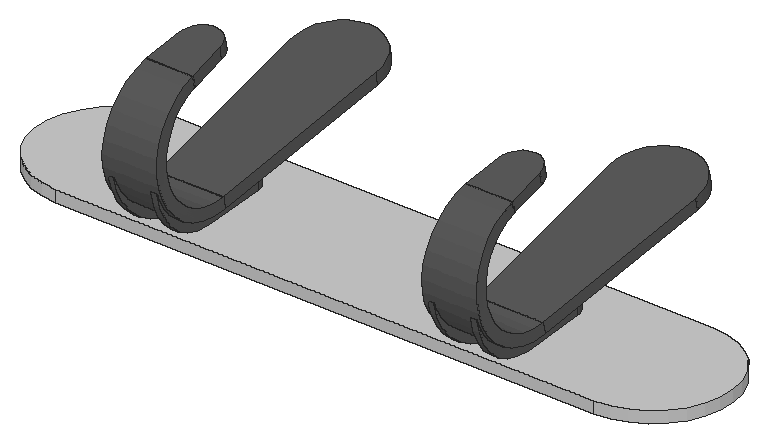
Revit family "Magnuson-KrokHJH-CoatHookStrip+", category Furniture, host Face, Revit 2020
Family settings
  Host = Face
  Cut with Voids When Loaded = No
  Shared = No
  Room Calculation Point = No
Parameters (values of type "KROK HJH-30")
  Width = 11.811"
  URL = "www.magnusongroup.com"
  Type Comments = "Coat Hook Strip"  # constant formula
  Revit Model Built By = "https://servex-us.com/servex-revit/"
  Product Documentation Link = "https://magnusongroup.com/products/coathookstrips/krokhjh.html"
  Hook Qty = 2
  Frame Finish = MAG - Textured painted steel
  Salvage or Reuse = yes
  Percentage of Recycled Content = 0
  Model = "KROK HJH-30"
  Manufacturer = "Magnuson Group"  # constant formula
  Low Emitting Material = yes
  Low Emitting Finish = yes
  Keynote = "12500"
  Hook Finish = MAG - Plastic Black
  Description = "Textured painted steel hook strip with two matching plastic coat hooks."
  Default Elevation = 48"
  Assembly Code = "E2020200"
Types (4): name | Width | Hook Qty | Model | Description
  (no name) | 11.811" | 2 | "KROK HJH-30" | "Textured painted steel hook strip with two matching plastic coat hooks."
  KROK HJH-30 | 11.811" | 2 | "KROK HJH-30" | "Textured painted steel hook strip with two matching plastic coat hooks."
  KROK HJH-90 | 35 13/16" | 8 | "KROK HJH-90" | "Textured painted steel hook strip with eight matching plastic coat hooks."
  KROK HJH-60 | 23 13/16" | 5 | "KROK HJH-60" | "Textured painted steel hook strip with five matching plastic coat hooks."
Reference planes (in)
  plane 1 "Center (Front/Back)": y = 0
  plane 2: z = 0
  plane 3 "Center (Left/Right)": x = 0
  plane 4: x = 11.811
Forms (in)
  Extrusion 1, solid, material "MAG - Textured painted steel" <- "Frame Finish"
    sketch origin (0, 0, 0) x (1, 0, 0) y (0, 1, 0)
      loop
        arc (1.27953, 1.27953) -> (0, 0) -> (1.27953, -1.27952) r 1.27953
        line (1.27953, -1.27952) -> (10.53147, -1.27952)
        arc (10.53147, -1.27952) -> (11.811, 0) -> (10.53147, 1.27953) r 1.27953
        line (10.53147, 1.27953) -> (1.27953, 1.27953)
    from 0 to 0.20064
Dimensions and locks (in)
  group 1 to group 2 = 5.4985"
  group 1 to group 2 = 0"  (x2)
  "Width": plane 3 "Center (Left/Right)" to plane 4
  nested 1 to plane 3 "Center (Left/Right)" = 3 5/32"
  plane 4 to nested 2 = 3 5/32"
  Extrusion 1 sketch curve to plane 1 "Center (Front/Back)" to Extrusion 1 sketch curve = 1.27952" locked, 1.27953" locked
  locked: Extrusion 1 sketch curve to plane 4 at 1.27953
  locked: plane 3 "Center (Left/Right)" to Extrusion 1 sketch curve at 1.27953
  locked: plane 3 "Center (Left/Right)" to nested 1 at 3.15625
  locked: nested 2 to plane 4 at 3.15625
  locked: Extrusion 1 to plane 2 at 0.20064
  aligned and locked: plane 2 to host face
  aligned and locked: level to host face
  aligned and locked: plane 1 "Center (Front/Back)" to nested 1
  aligned and locked: plane 1 "Center (Front/Back)" to nested 2
  aligned and locked: plane 2 to nested 2
  aligned and locked: plane 2 to nested 1
  aligned and locked: Extrusion 1 to plane 2
Automatic sketch dimensions
  host sketch curve to host sketch curve = 21.12737"
  host sketch curve to host sketch curve = 15.17679"
Nested families (in)
  nested 1: "Krok-H" at (3.15625, 0, 0), type "Krok-H"
  nested 2: "Krok-H" at (8.65475, 0, 0), type "Krok-H"
Definition of nested family "Krok-H"
  Parameters (values of type "Krok-H")
    Revit Model Built By = "https://servex-us.com/servex-revit/"
    Hook Finish = none
    Default Elevation = 0"
  Reference planes (in)
    plane 1 "Center (Front/Back)": y = 0
    plane 2: z = 0
    plane 3 "Center (Left/Right)": x = 0
    plane 4: through (-0.25533, 0.41369, 48) normal (0.9976, -0.0698, 0)
  Forms (in)
    Extrusion 1, solid, material <- "Hook Finish"
      sketch origin (0, 0.13924, 0.83569) x (-1, 0, 0) y (0, 0.979611, 0.200903)
        loop
          line (-0.56268, -0.87756) -> (0.56268, -0.87756) -> (0.73901, 2.24986)
          arc (0.73901, 2.24986) -> (0, 3.03172) -> (-0.73901, 2.24986) r 0.74019
          line (-0.73901, 2.24986) -> (-0.56268, -0.87756)
      from -0.03887 to 0.15946
    Extrusion 2, solid, material <- "Hook Finish"
      sketch origin (-0.25533, 0.41369, 48) x (0.069756, 0.997564, 0) y (0, 0, 1)
        loop
          line (0, -47.26546) -> (-1.23234, -47.51984)
          arc (-1.23234, -47.51984) -> (-1.94357, -47.34077) -> (-2.39243, -46.76073) r 1.12256
          arc (-2.39243, -46.76073) -> (-1.97719, -47.50428) -> (-1.17831, -47.79936) r 1.22895
          line (-1.17831, -47.79936) -> (0, -47.79936) -> (0, -47.26546)
      from 0 to 0.10483
    Extrusion 3, solid, material <- "Hook Finish"
      sketch origin (0.25533, 0.41369, 48) x (-0.069756, 0.997564, 0) y (0, 0, -1)
        loop
          line (0, 47.26546) -> (0, 47.79936) -> (-1.17831, 47.79936)
          arc (-1.17831, 47.79936) -> (-1.97719, 47.50428) -> (-2.39243, 46.76073) r 1.22895
          arc (-2.39243, 46.76073) -> (-1.94357, 47.34077) -> (-1.23234, 47.51984) r 1.12256
          line (-1.23234, 47.51984) -> (0, 47.26546)
      from 0 to 0.10483
    Extrusion 4, solid, material <- "Hook Finish"
      sketch origin (0, 0, 0) x (1, 0, 0) y (0, 1, 0)
        loop
          line (-0.25643, 0.41377) -> (-0.15075, 0.40638) -> (0.15075, 0.40638) -> (0.25635, 0.41376)
          arc (0.25635, 0.41376) -> (-0.00004, 0.65241) -> (-0.25643, 0.41377) r 0.25705
      from 0.20064 to 0.82885
    Extrusion 5, solid, material <- "Hook Finish"
      sketch origin (0, 0.13924, 2.07006) x (-1, 0, 0) y (0, 0.979611, 0.200903)
        loop
          line (-0.39723, -1.16618) -> (0.39723, -1.16618) -> (0.34999, -0.50444)
          arc (0.34999, -0.50444) -> (0, -0.17854) -> (-0.34999, -0.50444) r 0.35088
          line (-0.34999, -0.50444) -> (-0.39723, -1.16618)
      from -0.88072 to -0.68952
    SweptBlend 6, solid, material <- "Hook Finish"
      path origin (0, 0, 0) x (0, 1, 0) y (0, 0, 1)
        loop
          arc (-1.1801, 2.69853) -> (-2.01409, 1.359) -> (-0.68839, 0.50318) r 1.12502
      profile origin (0, -1.1801, 2.69853) x (0, 0.234518, -0.972112) y (1, 0, 0)
        loop
          line (0.19108, 0.39723) -> (0, 0.39723) -> (0, -0.39723) -> (0.19108, -0.39723) -> (0.19108, 0.39723)
      end profile origin (0, -0.68839, 0.50318) x (0, -0.202548, 0.979272) y (1, 0, 0)
        loop
          line (0, 0.56268) -> (0, -0.56268) -> (0.19833, -0.56268) -> (0.19833, 0.56268) -> (0, 0.56268)
  Dimensions and locks (in)
    aligned and locked: plane 2 to level
